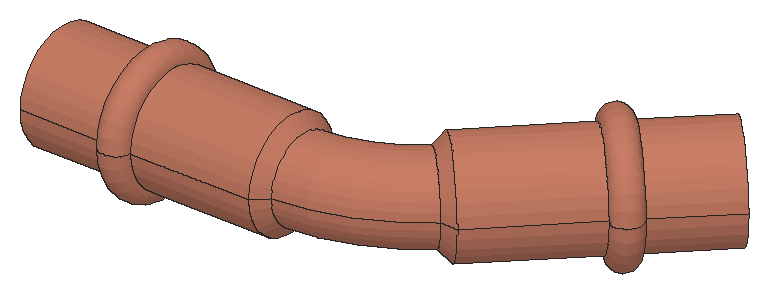
Revit family "Pipefitting_IBP_Conex_MaxiPro_45°Bend_MP5041", category Pipe Fittings, Revit 2019
Family settings
  Round Connector Dimension = Use Diameter
  Part Type = Elbow
  OmniClass Number = 23.65.00.00
  OmniClass Title = Supply and Distribution of Liquids and Gases
  Work Plane-Based = No
  Always vertical = No
  Cut with Voids When Loaded = No
  Shared = No
Parameters (values of type "MP5041 0020000 1/4"")
  _DistributedBy = "www.bimmepaus.com.au/"
  _CurrentRevision = 1  # constant formula
  _CreatedBy = "technical@ibpgroup.com"
  _BimstoreBibleVersion = "14"  # constant formula
  _BimSpecGuid = 0  # constant formula
  _AuthorisedBy = ""
  _Author = "Luke Brown"  # constant formula
  Weight = 0.00 kg
  WarrantyStartDate [instance] = "Please Record On Commissioning."
  WarrantyGuarantorParts = "technical@ibpgroup.com"  # constant formula
  WarrantyGuarantorLabor = "technical@ibpgroup.com"  # constant formula
  WarrantyDurationMonths = 60  # constant formula
  WarrantyDescription = "Product Guarantee"  # constant formula
  URL = "http://www.conexbanninger.com/"
  Type Comments = "1/4\" Connection"
  SurfaceFinish = "Natural"  # constant formula
  SpareParts = "n/a"
  Size = Type Comments  # "1/4\" Connection"
  Shape = "Cylindrical"  # constant formula
  SerialNumber [instance] = "Please Record On Commissioning."
  SealType = "HNBR"
  ReplacementCost = "n/a"
  RefrigerantType = ""
  RefrigerantSafetyClass = ""
  RefrigerantCircuitNumber = ""
  ReferencedStandard = "n/a"
  ProductionYear = "n/a"  # constant formula
  ProductCode = Model  # "MP5041 0020000"
  PressJawCompatability = "MaxiPro Jaws supplied by Rothenberger"  # constant formula
  PipeConnectorType = "Press x Press"
  OperatingMaintenanceManual = ""
  ORingTemperatureRange = "-40°C to 140°C"  # constant formula
  NominalLength = 0 mm  # constant formula
  NominalHeight = 0 mm  # constant formula
  NominalDepth = 0 mm  # constant formula
  NBSReference = "90-10-65/315"  # constant formula
  NBSOfficeMasterTag = "n/a"  # constant formula
  NBSObjectName = "IBP - Copper pipeline fittings"  # constant formula
  NBSNote = "n/a"  # constant formula
  NBSDescription = "Copper pipeline fittings"  # constant formula
  ModelReference = Type Comments  # "1/4\" Connection"
  ModelNumber = Model  # "MP5041 0020000"
  Model = "MP5041 0020000"
  MainBody_Dia = DN  # 6.4 mm
  MaxHydrostaticPressure = 48 bar
  MaterialType = "Refrigerant Grade Copper, C12200"  # constant formula
  Material = Copper, C12200
  ManufacturerName = "IBP"  # constant formula
  Manufacturer = "Conex Banninger"  # constant formula
  L2_TubeStop_Formula = A_Length - L2_TubeStop  # 16 mm
  L2_TubeStop = 7.5 mm
  Keynote = "S"  # constant formula
  InstallationDate [instance] = "Please Record On Commissioning."
  IfcExportType = "IfcPipeFittingType"  # constant formula
  IfcExportAs = "IfcPipeFitting"  # constant formula
  Grade = "n/a"
  FluidTemperatureMin = 273.15 °C - 40 °C + -273.15 °C  # -40 °C
  FluidTemperatureMax = 121 °C  # constant formula
  FittingType = Description  # "45° Bend"
  Features = "n/a"
  ExpectedServiceLifeYears = 25  # constant formula
  DocumentationTechnical = ""
  DocumentationLiterature = ""
  DocumentationInstallationGuide = ""
  DocumentationCertificates = ""
  Description = "45° Bend"  # constant formula
  DN = 6.4 mm
  D1_OD = 8.3 mm
  CreatedOn = " "
  CreatedBy = "technical@ibpgroup.com"  # constant formula
  Contact = "technical@ibpgroup.com"  # constant formula
  Constituents = "n/a"
  Colour = "n/a"  # constant formula
  CodePerformance = "n/a"
  ClassificationValue = "Pr_65_52_63_18"  # constant formula
  ClassificationName = "Uniclass2015"  # constant formula
  C_Bend_Radius = 12.7 mm
  Bead_OD = 2.3 mm
  Barcode [instance] = "Please Record On Commissioning."
  B_TubeStopLocation = 5.5 mm
  BIMObjectName = "PipeFitting_IBP_Conex_MaxiPro_45°Bend_MP5041"  # constant formula
  AssetType = "Fixed"  # constant formula
  AssetIdentifier [instance] = "Please Record On Commissioning."
  Assembly Code = "D20"
  Application = "Air conditioning & refrigeration"  # constant formula
  Angle = 45.00°
  AccessibilityPerformance = "n/a"
  A_Length = 23.5 mm
Types (8, lengths in mm): name | Type Comments | Size | ProductCode | ModelReference | ModelNumber | Model | MainBody_Dia | L2_TubeStop_Formula | L2_TubeStop | DN | D1_OD | C_Bend_Radius | Bead_OD | B_TubeStopLocation | A_Length
  MP5041 0020000 1/4" | "1/4\" Connection" | "1/4\" Connection" | "MP5041 0020000" | "1/4\" Connection" | "MP5041 0020000" | "MP5041 0020000" | 6.4 | 16 | 7.5 | 6.4 | 8.3 | 12.7 | 2.3 | 5.5 | 23.5
  MP5041 0030000 3/8" | "3/8\" Connection" | "3/8\" Connection" | "MP5041 0030000" | "3/8\" Connection" | "MP5041 0030000" | "MP5041 0030000" | 9.6 | 19 | 7 | 9.6 | 11.9 | 18 | 2.3 | 8 | 26
  MP5041 0040000 1/2" | "1/2\" Connection" | "1/2\" Connection" | "MP5041 0040000" | "1/2\" Connection" | "MP5041 0040000" | "MP5041 0040000" | 12.8 | 17 | 7 | 12.8 | 15.4 | 15.2 | 2.5 | 6.5 | 24
  MP5041 0050000 5/8" | "5/8\" Connection" | "5/8\" Connection" | "MP5041 0050000" | "5/8\" Connection" | "MP5041 0050000" | "MP5041 0050000" | 16 | 20 | 8 | 16 | 19.4 | 19.9 | 2.7 | 7 | 28
  MP5041 0060000 3/4" | "3/4\" Connection" | "3/4\" Connection" | "MP5041 0060000" | "3/4\" Connection" | "MP5041 0060000" | "MP5041 0060000" | 19.2 | 21.5 | 10 | 19.2 | 22 | 22.9 | 2.8 | 9.5 | 31.5
  MP5041 0070000 7/8" | "7/8\" Connection" | "7/8\" Connection" | "MP5041 0070000" | "7/8\" Connection" | "MP5041 0070000" | "MP5041 0070000" | 22.4 | 24 | 10 | 22.4 | 25.4 | 27.5 | 3.3 | 10 | 34
  MP5041 0080000 1" | "1\" Connection" | "1\" Connection" | "MP5041 0080000" | "1\" Connection" | "MP5041 0080000" | "MP5041 0080000" | 25.6 | 25.8 | 10.2 | 25.6 | 29 | 30.5 | 3.1 | 12 | 36
  MP5041 0090000 1 1/8" | "1 1/8\" Connection" | "1 1/8\" Connection" | "MP5041 0090000" | "1 1/8\" Connection" | "MP5041 0090000" | "MP5041 0090000" | 28.8 | 29.3 | 10.2 | 28.8 | 32.2 | 35 | 3.3 | 14 | 39.5
Reference planes
  plane 1 "Center (Front/Back)": y = 0
  plane 2: z = 0
  plane 3 "Center (Left/Right)": x = 0
  plane 4: through (0, 0, 1200) normal (-0.7071, 0.7071, 0)
  plane 5: through (0, 0, 1200) normal (0.7071, 0.7071, 0)
  plane 6 "Connection2": x = -23.5
  plane 7 "Connection1": through (-2.197, 35.431, 1200) normal (0.7071, 0.7071, 0)
  plane 8: through (3.942, 18.685, 1200) normal (0.7071, 0.7071, 0)
  plane 9 "RightConnection": through (-3.482, 11.261, 1200) normal (0.7071, 0.7071, 0)
  plane 10 "LeftConnection": x = -5.5
  plane 11: x = -16
  plane 12: through (19.552, 13.683, 1200) normal (0.7071, -0.7071, 0)
  plane 13: through (13.683, 19.552, 1200) normal (0.7071, -0.7071, 0)
  plane 14: y = -4.15
  plane 15: y = 4.15
  plane 16: through (1.626, 6.152, 1200) normal (-0.7071, 0.7071, 0)
  plane 17: through (6.152, 1.626, 1200) normal (-0.7071, 0.7071, 0)
  plane 18: y = -3.2
  plane 19: y = 3.2
Forms (mm)
  Revolve 1, solid, material "Copper, C12200" <- "Material", detail levels fine
    sketch origin (0, 0, 0) x (1, 0, 0) y (0, 1, 0)
      loop
        line (7.566, 13.435) -> (0.955, 6.824) -> (0.955, 0.955) -> (11.314, 11.314) -> (9.051, 13.576) -> (14.354, 18.88) -> (13.683, 19.552) -> (9.192, 15.061)
        arc (9.192, 15.061) -> (7.566, 15.061) -> (7.566, 13.435) r 1.15
      axis (0.955, 0.955) -> (16.617, 16.617)
    angle from 0 to 360
  Revolve 2, solid, material "Copper, C12200" <- "Material", detail levels fine
    sketch origin (0, 0, 0) x (1, 0, 0) y (0, 1, 0)
      loop
        arc (-14.85, 4.15) -> (-16, 5.3) -> (-17.15, 4.15) r 1.15
        line (-17.15, 4.15) -> (-23.5, 4.15) -> (-23.5, 3.2) -> (-16, 3.2) -> (-16, 0) -> (-1.35, 0) -> (-5.5, 4.15) -> (-14.85, 4.15)
      axis (-1.35, 0) -> (-23.5, 0)
    angle from 0 to 360
  Sweep 3, solid, material "Copper, C12200" <- "Material", detail levels fine
    path origin (0, 0, 0) x (1, 0, 0) y (0, 1, 0)
      loop
        arc (3.889, 3.889) -> (-0.399, 0.964) -> (-5.5, 0) r 12.7
    profile origin (-0.399, 0.964, 0) x (0.382683, -0.92388, 0) y (0, 0, 1)
      loop
        circle (0, 0) r 3.2
Cuts and joins
  joined: Revolve 1, Revolve 2, Sweep 3
Dimensions and locks
  "A_Length": plane 6 "Connection2" to plane 3 "Center (Left/Right)"
  "A_Length": plane 7 "Connection1" to plane 5
  "B_TubeStopLocation": plane 9 "RightConnection" to plane 5
  "B_TubeStopLocation": plane 10 "LeftConnection" to plane 3 "Center (Left/Right)"
  "L2_TubeStop_Formula": plane 8 to plane 5
  "L2_TubeStop_Formula": plane 11 to plane 3 "Center (Left/Right)"
  equal spacing: plane 12, plane 4, plane 13
  "D1_OD": plane 12 to plane 13
  equal spacing: plane 15, plane 1 "Center (Front/Back)", plane 14
  "D1_OD": plane 14 to plane 15
  equal spacing: plane 16, plane 4, plane 17
  "DN": plane 16 to plane 17
  equal spacing: plane 18, plane 1 "Center (Front/Back)", plane 19
  "DN": plane 18 to plane 19
  "Bead_OD": diameter of Revolve 1 sketch curve
  "Bead_OD": diameter of Revolve 2 sketch curve
  "C_Bend_Radius": radius of Sweep 3 sketch curve
  "MainBody_Dia": diameter of Sweep 3 sketch curve
  "Angle": angle plane 4 to Revolve 1 sketch curve
  angle Revolve 1 sketch curve to Revolve 1 sketch curve = 135.00°
  "Angle": angle Revolve 2 sketch curve to Revolve 2 sketch curve
  aligned and locked: level to plane 2
Automatic sketch dimensions
  Revolve 1 sketch curve to plane 9 "RightConnection" = 0 mm
  Revolve 1 sketch curve to plane 13 = 0 mm
  Revolve 1 sketch curve to plane 8 = 0 mm  (x4)
  plane 13 to Revolve 1 sketch curve = 0 mm  (x2)
  Revolve 1 sketch curve to plane 16 = 0 mm
  Revolve 1 sketch curve to plane 4 = 0 mm  (x3)
  Revolve 1 sketch curve to plane 7 "Connection1" = 0 mm  (x2)
  plane 1 "Center (Front/Back)" to Revolve 2 sketch curve = 0 mm  (x2)
  Revolve 2 sketch curve to plane 6 "Connection2" = 0 mm  (x2)
  Revolve 2 sketch curve to plane 15 = 0 mm
  Revolve 2 sketch curve to plane 11 = 0 mm  (x2)
  Revolve 2 sketch curve to plane 10 "LeftConnection" = 0 mm
  Revolve 2 sketch curve to plane 19 = 0 mm
  Revolve 2 sketch curve to Revolve 2 sketch curve = 12.414 mm
  plane 1 "Center (Front/Back)" to Sweep 3 sketch curve = 0 mm
  Sweep 3 sketch curve to plane 10 "LeftConnection" = 0 mm
  Sweep 3 sketch curve to plane 4 = 0 mm
  Sweep 3 sketch curve to plane 9 "RightConnection" = 0 mm
  Sweep 3 sketch curve to level = 0 mm
  Sweep 3 sketch curve to profile plane = 0 mm
Nested families
  nested 1: "45 degree elbow" at (0, 0, 0), type "45 degree elbow", detail levels coarse+medium
Connectors
  piping at (-5.5, 0, 0), diameter 6.4, driven by "DN"
    settings: index 1, connector inside diameter 609.6 mm, connector length 0 mm, flow factor 0, pipe flow 0.0 L/s, pressure drop 0 bar, fitting loss kfactor 0, connector angle 0.00°, fixture units 0, engagement length 0 mm, angle of deflection 0.00°, flow configuration 0, flow direction 0, fitting loss method 0, system type 7, joint type 0, gender type 0, connector reference index -1, connector utility 0, adjustable connector no, is connector primary yes, connector description ""
  piping at (3.889, 3.889, 0), diameter 6.4, driven by "DN"
    settings: index 2, connector inside diameter 609.6 mm, connector length 0 mm, flow factor 0, pipe flow 0.0 L/s, pressure drop 0 bar, fitting loss kfactor 0, connector angle 0.00°, fixture units 0, engagement length 0 mm, angle of deflection 0.00°, flow configuration 0, flow direction 0, fitting loss method 0, system type 7, joint type 0, gender type 0, connector reference index -1, connector utility 0, adjustable connector no, is connector primary no, connector description ""
Definition of nested family "45 degree elbow"
  Parameters (values of type "45 degree elbow")
    Z = 17.637 mm
    Rad = 30 mm
    LY = 67 mm
    LX = 67 mm
    E = 54 mm
  Reference planes
    plane 1 "Center (Front/Back)": y = 0
    plane 2: z = 0
    plane 3 "Center (Left/Right)": x = 0
    plane 4: through (0, 0, 1200) normal (-0.7071, 0.7071, 0)
    plane 5: through (167.032, -72.28, 1200) normal (-0.7071, -0.7071, 0)
    plane 6: x = -67
    plane 7: through (0, 0, 1200) normal (-0.7071, -0.7071, 0)
    plane 8: y = 27
    plane 9: y = -27
    plane 10: through (-2.957, 35.227, 1200) normal (-0.7071, 0.7071, 0)
    plane 11: through (36.91, -1.274, 1200) normal (-0.7071, 0.7071, 0)
    plane 12: through (6.94, 18.003, 1200) normal (0.7071, 0.7071, 0)
    plane 13: x = -17.637
  Lines and regions (mm)
    model lines
      curve 1: line (-67, 27, 0) -> (-67, -27, 0)
      curve 2: line (28.284, 66.468, 0) -> (66.468, 28.284, 0)
      curve 3: arc (12.471, 12.471, 0) -> (-1.343, 3.241, 0) -> (-17.637, 0, 0) r 42.579
      curve 4: line (-17.637, 0, 0) -> (-67, 0, 0)
      curve 5: line (12.471, 12.471, 0) -> (47.376, 47.376, 0)
  Dimensions and locks
    "LX": plane 6 to plane 3 "Center (Left/Right)"
    "LY": plane 7 to plane 5
    equal spacing: plane 10, plane 4, plane 11
    "E": plane 10 to plane 11
    equal spacing: plane 9, plane 1 "Center (Front/Back)", plane 8
    "E": plane 9 to plane 8
    "Z": plane 12 to plane 7
    "Z": plane 13 to plane 3 "Center (Left/Right)"
    aligned and locked: level to plane 2
  Automatic sketch dimensions
    curve 1 to plane 6 = 0 mm
    curve 3 to plane 12 = 0 mm
    curve 3 to plane 13 = 0 mm
    curve 5 to plane 12 = 0 mm
    plane 10 to curve 2 = 0 mm
    curve 5 to plane 4 = 0 mm
    plane 5 to curve 5 = 0 mm
    plane 5 to curve 2 = 0 mm
    plane 11 to curve 2 = 0 mm
    curve 1 to plane 9 = 0 mm
    curve 1 to plane 8 = 0 mm
